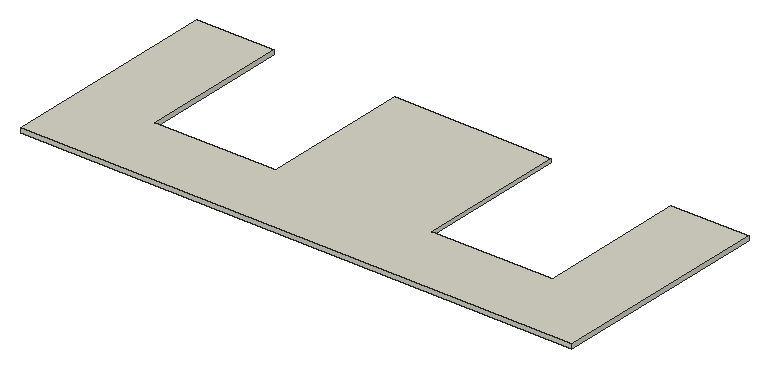
Revit family "console-hansgrohe-54207XXX-Xevolos E Console 1370_550 with 2 cutouts for countertop basin ground 500_480", category Furniture, Revit 2019
Family settings
  OmniClass Number = 23.40.00.00
  OmniClass Title = Equipment and Furnishings
  Work Plane-Based = No
  Always vertical = Yes
  Cut with Voids When Loaded = No
  Shared = Yes
  Room Calculation Point = No
Parameters (values of type "54207-54207780-SAND_MATT_BEIGE-200")
  etim7_EC011381 = "EC011381"
  WEIGHT = "4.3"
  UNSPSC = "56 | Furniture and Furnishings"
  UNIFORMATII = "E2010 | Fixed Furnishings"
  UNICLASS_2015_CODE = "40_30_78_05"
  UNICLASS2015 = "Pr_40_20_76_94 | Vanity units"
  SURFACE = "SAND_MATT_BEIGE"
  SPECIFICATION = "https://pro.hansgrohe.com/articledetail--54207700"
  REGIONSET = "Worldwide"
  PRODUCTGROUP = "console"
  PRODUCTFAMILY = "Xevolos E"
  PERMALINK = "54207XXX"
  OMNICLASS = "23-19 31 17 11 | Bathroom Units"
  OBJECTTYPE = "Object (single object)"
  NN = "Console with 2 cutouts for countertop basin ground"
  NBSYN = "$BASENUMBER.-$ARTNR.-$SURFACE.-$LODLEVEL."
  NB = "54207-54207780-SAND_MATT_BEIGE-200"
  NAME = "Xevolos E Console 1370/550 with 2 cutouts for countertop basin ground 500/480"
  Model = "54207-54207780-SAND_MATT_BEIGE-200"
  Manufacturer = "Hansgrohe"
  MIdent = "{$CADENAS_DATA/23d-libs/hansgrohe/xevolos_furniture/xevolos_console_cutout_for_countertop_basin_ground/console_with_2_cutout_countertop_basinground.prj},260 {VTYP=3D},{NB=54207-54207780-SAND_MATT_BEIGE-200},{LINA=54207-54207780-SAND_MATT_BEIGE-200},{NN=Console with 2 cutouts for countertop basin ground},{DATE=13.03.2023 11:42:43},{GEOMDATE=12.03.2023 06:45:00},{VERSION=},{LINEID=30},{WBVAR=LODLEVEL},{WBNUMERIC=}  {NB=54207-54207780-SAND_MATT_BEIGE-200},{LINA=54207-54207780-SAND_MATT_BEIGE-200},{KT=DUMMY},{IDNR=3},{ARTNR=54207780},{BASENUMBER=54207},{MODEL=54207XXX},{SURFACE=SAND_MATT_BEIGE},{L=1374},{LODLEVEL=200},{LODLEVELX='400','400','200','200'},{L1=300},{LC=195},{NAME=Xevolos E Console 1370/550 with 2 cutouts for countertop basin ground 500/480},{PERMALINK=54207XXX},{OBJECTTYPE=Object (single object)},{BIMOBJECT=Sanitary: Compound units},{PRODUCTFAMILY=Xevolos E},{PRODUCTGROUP=console},{WEIGHT=4.3},{DESCRIPTION=Xevolos E Console 1370/550 with 2 cutouts for countertop basin ground 500/480},{SPECIFICATION=https://pro.hansgrohe.com/articledetail--54207700},{PRODUCTURL=0},{GTINCODE=0},{TENDERURL=0},{IFC=Furnishing element},{ETIM=EC011381 | Bathroom furniture set},{UNICLASS2015=Pr_40_20_76_94 | Vanity units},{OMNICLASS=23-19 31 17 11 | Bathroom Units},{MASTERFORMAT=12 35 30.23 | Bathroom Casework},{UNSPSC=56 | Furniture and Furnishings},{UNIFORMATII=E2010 | Fixed Furnishings},{REGIONSET=Worldwide},{DESIGN=Germany},{MANUFACTURER=Germany}"
  MASTERFORMAT = "12 35 30.23 | Bathroom Casework"
  LODLEVEL = "200"
  LINA = "54207-54207780-SAND_MATT_BEIGE-200"
  LC = 195
  L1 = 300
  L = 1374
  IFC = "Furnishing element"
  ETIM = "EC011381 | Bathroom furniture set"
  DESIGN = "Germany"
  CATALOG = "Hansgrohe"
  BIMOBJECT = "Sanitary: Compound units"
  BASENUMBER = "54207"
  ARTNR = "54207780"
  54207-54207780-SAND_MATT_BEIGE-400_RX0RY0RZ0TX0TY0TZ0_V = no
  54207-54207780-SAND_MATT_BEIGE-200_RX0RY0RZ0TX0TY0TZ0_V = yes
  54207-54207760-SLATE_MATT_GREY-400_RX0RY0RZ0TX0TY0TZ0_V = no
  54207-54207760-SLATE_MATT_GREY-200_RX0RY0RZ0TX0TY0TZ0_V = no
  54207-54207700-MATTE_WHITE-400_RX0RY0RZ0TX0TY0TZ0_V = no
  54207-54207700-MATTE_WHITE-200_RX0RY0RZ0TX0TY0TZ0_V = no
Types (6, lengths in mm): name | SURFACE | NB | Model | MIdent | LODLEVEL | LINA | ARTNR | 54207-54207780-SAND_MATT_BEIGE-400_RX0RY0RZ0TX0TY0TZ0_V | 54207-54207780-SAND_MATT_BEIGE-200_RX0RY0RZ0TX0TY0TZ0_V | 54207-54207760-SLATE_MATT_GREY-400_RX0RY0RZ0TX0TY0TZ0_V | 54207-54207760-SLATE_MATT_GREY-200_RX0RY0RZ0TX0TY0TZ0_V | 54207-54207700-MATTE_WHITE-400_RX0RY0RZ0TX0TY0TZ0_V | 54207-54207700-MATTE_WHITE-200_RX0RY0RZ0TX0TY0TZ0_V
  54207-54207700-MATTE_WHITE-200 | "MATTE_WHITE" | "54207-54207700-MATTE_WHITE-200" | "54207-54207700-MATTE_WHITE-200" | "{$CADENAS_DATA/23d-libs/hansgrohe/xevolos_furniture/xevolos_console_cutout_for_countertop_basin_ground/console_with_2_cutout_countertop_basinground.prj},252 {VTYP=3D},{NB=54207-54207700-MATTE_WHITE-200},{LINA=54207-54207700-MATTE_WHITE-200},{NN=Console with 2 cutouts for countertop basin ground},{DATE=13.03.2023 11:42:43},{GEOMDATE=12.03.2023 06:45:00},{VERSION=},{LINEID=10},{WBVAR=LODLEVEL},{WBNUMERIC=}  {NB=54207-54207700-MATTE_WHITE-200},{LINA=54207-54207700-MATTE_WHITE-200},{KT=DUMMY},{IDNR=1},{ARTNR=54207700},{BASENUMBER=54207},{MODEL=54207XXX},{SURFACE=MATTE_WHITE},{L=1374},{LODLEVEL=200},{LODLEVELX='400','400','200','200'},{L1=300},{LC=195},{NAME=Xevolos E Console 1370/550 with 2 cutouts for countertop basin ground 500/480},{PERMALINK=54207XXX},{OBJECTTYPE=Object (single object)},{BIMOBJECT=Sanitary: Compound units},{PRODUCTFAMILY=Xevolos E},{PRODUCTGROUP=console},{WEIGHT=4.3},{DESCRIPTION=Xevolos E Console 1370/550 with 2 cutouts for countertop basin ground 500/480},{SPECIFICATION=https://pro.hansgrohe.com/articledetail--54207700},{PRODUCTURL=0},{GTINCODE=0},{TENDERURL=0},{IFC=Furnishing element},{ETIM=EC011381 | Bathroom furniture set},{UNICLASS2015=Pr_40_20_76_94 | Vanity units},{OMNICLASS=23-19 31 17 11 | Bathroom Units},{MASTERFORMAT=12 35 30.23 | Bathroom Casework},{UNSPSC=56 | Furniture and Furnishings},{UNIFORMATII=E2010 | Fixed Furnishings},{REGIONSET=Worldwide},{DESIGN=Germany},{MANUFACTURER=Germany}" | "200" | "54207-54207700-MATTE_WHITE-200" | "54207700" | no | no | no | no | no | yes
  54207-54207700-MATTE_WHITE-400 | "MATTE_WHITE" | "54207-54207700-MATTE_WHITE-400" | "54207-54207700-MATTE_WHITE-400" | "{$CADENAS_DATA/23d-libs/hansgrohe/xevolos_furniture/xevolos_console_cutout_for_countertop_basin_ground/console_with_2_cutout_countertop_basinground.prj},252 {VTYP=3D},{NB=54207-54207700-MATTE_WHITE-400},{LINA=54207-54207700-MATTE_WHITE-400},{NN=Console with 2 cutouts for countertop basin ground},{DATE=13.03.2023 11:42:43},{GEOMDATE=12.03.2023 06:45:00},{VERSION=},{LINEID=10},{WBVAR=LODLEVEL},{WBNUMERIC=}  {NB=54207-54207700-MATTE_WHITE-400},{LINA=54207-54207700-MATTE_WHITE-400},{KT=DUMMY},{IDNR=1},{ARTNR=54207700},{BASENUMBER=54207},{MODEL=54207XXX},{SURFACE=MATTE_WHITE},{L=1374},{LODLEVEL=400},{LODLEVELX='400','400','200','200'},{L1=300},{LC=195},{NAME=Xevolos E Console 1370/550 with 2 cutouts for countertop basin ground 500/480},{PERMALINK=54207XXX},{OBJECTTYPE=Object (single object)},{BIMOBJECT=Sanitary: Compound units},{PRODUCTFAMILY=Xevolos E},{PRODUCTGROUP=console},{WEIGHT=4.3},{DESCRIPTION=Xevolos E Console 1370/550 with 2 cutouts for countertop basin ground 500/480},{SPECIFICATION=https://pro.hansgrohe.com/articledetail--54207700},{PRODUCTURL=0},{GTINCODE=0},{TENDERURL=0},{IFC=Furnishing element},{ETIM=EC011381 | Bathroom furniture set},{UNICLASS2015=Pr_40_20_76_94 | Vanity units},{OMNICLASS=23-19 31 17 11 | Bathroom Units},{MASTERFORMAT=12 35 30.23 | Bathroom Casework},{UNSPSC=56 | Furniture and Furnishings},{UNIFORMATII=E2010 | Fixed Furnishings},{REGIONSET=Worldwide},{DESIGN=Germany},{MANUFACTURER=Germany}" | "400" | "54207-54207700-MATTE_WHITE-400" | "54207700" | no | no | no | no | yes | no
  54207-54207760-SLATE_MATT_GREY-200 | "SLATE_MATT_GREY" | "54207-54207760-SLATE_MATT_GREY-200" | "54207-54207760-SLATE_MATT_GREY-200" | "{$CADENAS_DATA/23d-libs/hansgrohe/xevolos_furniture/xevolos_console_cutout_for_countertop_basin_ground/console_with_2_cutout_countertop_basinground.prj},260 {VTYP=3D},{NB=54207-54207760-SLATE_MATT_GREY-200},{LINA=54207-54207760-SLATE_MATT_GREY-200},{NN=Console with 2 cutouts for countertop basin ground},{DATE=13.03.2023 11:42:43},{GEOMDATE=12.03.2023 06:45:00},{VERSION=},{LINEID=20},{WBVAR=LODLEVEL},{WBNUMERIC=}  {NB=54207-54207760-SLATE_MATT_GREY-200},{LINA=54207-54207760-SLATE_MATT_GREY-200},{KT=DUMMY},{IDNR=2},{ARTNR=54207760},{BASENUMBER=54207},{MODEL=54207XXX},{SURFACE=SLATE_MATT_GREY},{L=1374},{LODLEVEL=200},{LODLEVELX='400','400','200','200'},{L1=300},{LC=195},{NAME=Xevolos E Console 1370/550 with 2 cutouts for countertop basin ground 500/480},{PERMALINK=54207XXX},{OBJECTTYPE=Object (single object)},{BIMOBJECT=Sanitary: Compound units},{PRODUCTFAMILY=Xevolos E},{PRODUCTGROUP=console},{WEIGHT=4.3},{DESCRIPTION=Xevolos E Console 1370/550 with 2 cutouts for countertop basin ground 500/480},{SPECIFICATION=https://pro.hansgrohe.com/articledetail--54207700},{PRODUCTURL=0},{GTINCODE=0},{TENDERURL=0},{IFC=Furnishing element},{ETIM=EC011381 | Bathroom furniture set},{UNICLASS2015=Pr_40_20_76_94 | Vanity units},{OMNICLASS=23-19 31 17 11 | Bathroom Units},{MASTERFORMAT=12 35 30.23 | Bathroom Casework},{UNSPSC=56 | Furniture and Furnishings},{UNIFORMATII=E2010 | Fixed Furnishings},{REGIONSET=Worldwide},{DESIGN=Germany},{MANUFACTURER=Germany}" | "200" | "54207-54207760-SLATE_MATT_GREY-200" | "54207760" | no | no | no | yes | no | no
  54207-54207760-SLATE_MATT_GREY-400 | "SLATE_MATT_GREY" | "54207-54207760-SLATE_MATT_GREY-400" | "54207-54207760-SLATE_MATT_GREY-400" | "{$CADENAS_DATA/23d-libs/hansgrohe/xevolos_furniture/xevolos_console_cutout_for_countertop_basin_ground/console_with_2_cutout_countertop_basinground.prj},260 {VTYP=3D},{NB=54207-54207760-SLATE_MATT_GREY-400},{LINA=54207-54207760-SLATE_MATT_GREY-400},{NN=Console with 2 cutouts for countertop basin ground},{DATE=13.03.2023 11:42:43},{GEOMDATE=12.03.2023 06:45:00},{VERSION=},{LINEID=20},{WBVAR=LODLEVEL},{WBNUMERIC=}  {NB=54207-54207760-SLATE_MATT_GREY-400},{LINA=54207-54207760-SLATE_MATT_GREY-400},{KT=DUMMY},{IDNR=2},{ARTNR=54207760},{BASENUMBER=54207},{MODEL=54207XXX},{SURFACE=SLATE_MATT_GREY},{L=1374},{LODLEVEL=400},{LODLEVELX='400','400','200','200'},{L1=300},{LC=195},{NAME=Xevolos E Console 1370/550 with 2 cutouts for countertop basin ground 500/480},{PERMALINK=54207XXX},{OBJECTTYPE=Object (single object)},{BIMOBJECT=Sanitary: Compound units},{PRODUCTFAMILY=Xevolos E},{PRODUCTGROUP=console},{WEIGHT=4.3},{DESCRIPTION=Xevolos E Console 1370/550 with 2 cutouts for countertop basin ground 500/480},{SPECIFICATION=https://pro.hansgrohe.com/articledetail--54207700},{PRODUCTURL=0},{GTINCODE=0},{TENDERURL=0},{IFC=Furnishing element},{ETIM=EC011381 | Bathroom furniture set},{UNICLASS2015=Pr_40_20_76_94 | Vanity units},{OMNICLASS=23-19 31 17 11 | Bathroom Units},{MASTERFORMAT=12 35 30.23 | Bathroom Casework},{UNSPSC=56 | Furniture and Furnishings},{UNIFORMATII=E2010 | Fixed Furnishings},{REGIONSET=Worldwide},{DESIGN=Germany},{MANUFACTURER=Germany}" | "400" | "54207-54207760-SLATE_MATT_GREY-400" | "54207760" | no | no | yes | no | no | no
  54207-54207780-SAND_MATT_BEIGE-200 | "SAND_MATT_BEIGE" | "54207-54207780-SAND_MATT_BEIGE-200" | "54207-54207780-SAND_MATT_BEIGE-200" | "{$CADENAS_DATA/23d-libs/hansgrohe/xevolos_furniture/xevolos_console_cutout_for_countertop_basin_ground/console_with_2_cutout_countertop_basinground.prj},260 {VTYP=3D},{NB=54207-54207780-SAND_MATT_BEIGE-200},{LINA=54207-54207780-SAND_MATT_BEIGE-200},{NN=Console with 2 cutouts for countertop basin ground},{DATE=13.03.2023 11:42:43},{GEOMDATE=12.03.2023 06:45:00},{VERSION=},{LINEID=30},{WBVAR=LODLEVEL},{WBNUMERIC=}  {NB=54207-54207780-SAND_MATT_BEIGE-200},{LINA=54207-54207780-SAND_MATT_BEIGE-200},{KT=DUMMY},{IDNR=3},{ARTNR=54207780},{BASENUMBER=54207},{MODEL=54207XXX},{SURFACE=SAND_MATT_BEIGE},{L=1374},{LODLEVEL=200},{LODLEVELX='400','400','200','200'},{L1=300},{LC=195},{NAME=Xevolos E Console 1370/550 with 2 cutouts for countertop basin ground 500/480},{PERMALINK=54207XXX},{OBJECTTYPE=Object (single object)},{BIMOBJECT=Sanitary: Compound units},{PRODUCTFAMILY=Xevolos E},{PRODUCTGROUP=console},{WEIGHT=4.3},{DESCRIPTION=Xevolos E Console 1370/550 with 2 cutouts for countertop basin ground 500/480},{SPECIFICATION=https://pro.hansgrohe.com/articledetail--54207700},{PRODUCTURL=0},{GTINCODE=0},{TENDERURL=0},{IFC=Furnishing element},{ETIM=EC011381 | Bathroom furniture set},{UNICLASS2015=Pr_40_20_76_94 | Vanity units},{OMNICLASS=23-19 31 17 11 | Bathroom Units},{MASTERFORMAT=12 35 30.23 | Bathroom Casework},{UNSPSC=56 | Furniture and Furnishings},{UNIFORMATII=E2010 | Fixed Furnishings},{REGIONSET=Worldwide},{DESIGN=Germany},{MANUFACTURER=Germany}" | "200" | "54207-54207780-SAND_MATT_BEIGE-200" | "54207780" | no | yes | no | no | no | no
  54207-54207780-SAND_MATT_BEIGE-400 | "SAND_MATT_BEIGE" | "54207-54207780-SAND_MATT_BEIGE-400" | "54207-54207780-SAND_MATT_BEIGE-400" | "{$CADENAS_DATA/23d-libs/hansgrohe/xevolos_furniture/xevolos_console_cutout_for_countertop_basin_ground/console_with_2_cutout_countertop_basinground.prj},260 {VTYP=3D},{NB=54207-54207780-SAND_MATT_BEIGE-400},{LINA=54207-54207780-SAND_MATT_BEIGE-400},{NN=Console with 2 cutouts for countertop basin ground},{DATE=13.03.2023 11:42:43},{GEOMDATE=12.03.2023 06:45:00},{VERSION=},{LINEID=30},{WBVAR=LODLEVEL},{WBNUMERIC=}  {NB=54207-54207780-SAND_MATT_BEIGE-400},{LINA=54207-54207780-SAND_MATT_BEIGE-400},{KT=DUMMY},{IDNR=3},{ARTNR=54207780},{BASENUMBER=54207},{MODEL=54207XXX},{SURFACE=SAND_MATT_BEIGE},{L=1374},{LODLEVEL=400},{LODLEVELX='400','400','200','200'},{L1=300},{LC=195},{NAME=Xevolos E Console 1370/550 with 2 cutouts for countertop basin ground 500/480},{PERMALINK=54207XXX},{OBJECTTYPE=Object (single object)},{BIMOBJECT=Sanitary: Compound units},{PRODUCTFAMILY=Xevolos E},{PRODUCTGROUP=console},{WEIGHT=4.3},{DESCRIPTION=Xevolos E Console 1370/550 with 2 cutouts for countertop basin ground 500/480},{SPECIFICATION=https://pro.hansgrohe.com/articledetail--54207700},{PRODUCTURL=0},{GTINCODE=0},{TENDERURL=0},{IFC=Furnishing element},{ETIM=EC011381 | Bathroom furniture set},{UNICLASS2015=Pr_40_20_76_94 | Vanity units},{OMNICLASS=23-19 31 17 11 | Bathroom Units},{MASTERFORMAT=12 35 30.23 | Bathroom Casework},{UNSPSC=56 | Furniture and Furnishings},{UNIFORMATII=E2010 | Fixed Furnishings},{REGIONSET=Worldwide},{DESIGN=Germany},{MANUFACTURER=Germany}" | "400" | "54207-54207780-SAND_MATT_BEIGE-400" | "54207780" | yes | no | no | no | no | no
Reference planes
  plane 1 "Center (Front/Back)": y = 0
  plane 2: z = 0
  plane 3 "Center (Left/Right)": x = 0
Dimensions and locks
  aligned and locked: level to plane 2
Nested families
  nested 1: "54207-54207700-matte_white-200_content" at (0, 0, 0), visible <- "54207-54207700-MATTE_WHITE-200_RX0RY0RZ0TX0TY0TZ0_V", ContentVisible <- "54207-54207700-MATTE_WHITE-200_RX0RY0RZ0TX0TY0TZ0_V", type "54207-54207700-MATTE_WHITE-200_Content"
    with ContentVisible no
  nested 2: "54207-54207700-matte_white-400_content" at (0, 0, 0), visible <- "54207-54207700-MATTE_WHITE-400_RX0RY0RZ0TX0TY0TZ0_V", ContentVisible <- "54207-54207700-MATTE_WHITE-400_RX0RY0RZ0TX0TY0TZ0_V", type "54207-54207700-MATTE_WHITE-400_Content"
    with ContentVisible no
  nested 3: "54207-54207760-slate_matt_grey-200_content" at (0, 0, 0), visible <- "54207-54207760-SLATE_MATT_GREY-200_RX0RY0RZ0TX0TY0TZ0_V", ContentVisible <- "54207-54207760-SLATE_MATT_GREY-200_RX0RY0RZ0TX0TY0TZ0_V", type "54207-54207760-SLATE_MATT_GREY-200_Content"
    with ContentVisible no
  nested 4: "54207-54207760-slate_matt_grey-400_content" at (0, 0, 0), visible <- "54207-54207760-SLATE_MATT_GREY-400_RX0RY0RZ0TX0TY0TZ0_V", ContentVisible <- "54207-54207760-SLATE_MATT_GREY-400_RX0RY0RZ0TX0TY0TZ0_V", type "54207-54207760-SLATE_MATT_GREY-400_Content"
    with ContentVisible no
  nested 5: "54207-54207780-sand_matt_beige-200_content" at (0, 0, 0), visible <- "54207-54207780-SAND_MATT_BEIGE-200_RX0RY0RZ0TX0TY0TZ0_V", ContentVisible <- "54207-54207780-SAND_MATT_BEIGE-200_RX0RY0RZ0TX0TY0TZ0_V", type "54207-54207780-SAND_MATT_BEIGE-200_Content"
    with ContentVisible yes
  nested 6: "54207-54207780-sand_matt_beige-400_content" at (0, 0, 0), visible <- "54207-54207780-SAND_MATT_BEIGE-400_RX0RY0RZ0TX0TY0TZ0_V", ContentVisible <- "54207-54207780-SAND_MATT_BEIGE-400_RX0RY0RZ0TX0TY0TZ0_V", type "54207-54207780-SAND_MATT_BEIGE-400_Content"
    with ContentVisible no
Definition of nested family "54207-54207780-sand_matt_beige-200_content"
  Parameters (values of type "54207-54207780-SAND_MATT_BEIGE-200_Content")
    etim7_EC011381 = "EC011381"
    WEIGHT = "4.3"
    UNSPSC = "56 | Furniture and Furnishings"
    UNIFORMATII = "E2010 | Fixed Furnishings"
    UNICLASS_2015_CODE = "40_30_78_05"
    UNICLASS2015 = "Pr_40_20_76_94 | Vanity units"
    SURFACE = "SAND_MATT_BEIGE"
    SPECIFICATION = "https://pro.hansgrohe.com/articledetail--54207700"
    REGIONSET = "Worldwide"
    PRODUCTGROUP = "console"
    PRODUCTFAMILY = "Xevolos E"
    PERMALINK = "54207XXX"
    OMNICLASS = "23-19 31 17 11 | Bathroom Units"
    OBJECTTYPE = "Object (single object)"
    NN = "Console with 2 cutouts for countertop basin ground"
    NBSYN = "$BASENUMBER.-$ARTNR.-$SURFACE.-$LODLEVEL."
    NB = "54207-54207780-SAND_MATT_BEIGE-200"
    NAME = "Xevolos E Console 1370/550 with 2 cutouts for countertop basin ground 500/480"
    Model = "54207-54207780-SAND_MATT_BEIGE-200"
    Manufacturer = "Hansgrohe"
    MASTERFORMAT = "12 35 30.23 | Bathroom Casework"
    LODLEVEL = "200"
    LINA = "54207-54207780-SAND_MATT_BEIGE-200"
    LC = 195
    L1 = 300
    L = 1374
    IFC = "Furnishing element"
    ETIM = "EC011381 | Bathroom furniture set"
    Default Elevation = 1219.2 mm
    DESIGN = "Germany"
    ContentVisible [instance] = yes
    CATALOG = "Hansgrohe"
    BIMOBJECT = "Sanitary: Compound units"
    BASENUMBER = "54207"
    ARTNR = "54207780"
  Reference planes
    plane 1 "Center (Front/Back)": y = 0
    plane 2: z = 0
    plane 3 "Center (Left/Right)": x = 0
  Forms (mm)
    Extrusion 1, solid, visible <- "ContentVisible", detail levels medium+fine
      sketch origin (0, 0, 0) x (1, 0, 0) y (0, 1, 0)
        loop
          line (-687, 0) -> (-687, -550) -> (687, -550) -> (687, 0) -> (495, 0) -> (495, -370) -> (195, -370) -> (195, 0) -> (-195, 0) -> (-195, -370) -> (-495, -370) -> (-495, 0) -> (-687, 0)
      from 0 to 10
    Extrusion 2, solid, visible <- "ContentVisible", detail levels coarse
      sketch origin (0, -275, 0) x (1, 0, 0) y (0, 1, 0)
        loop
          line (-687, -275) -> (687, -275) -> (687, 275) -> (-687, 275) -> (-687, -275)
      from 0 to 10
  Dimensions and locks
    aligned and locked: level to plane 2
Definition of nested family "54207-54207700-matte_white-200_content"
  Parameters (values of type "54207-54207700-MATTE_WHITE-200_Content")
    etim7_EC011381 = "EC011381"
    WEIGHT = "4.3"
    UNSPSC = "56 | Furniture and Furnishings"
    UNIFORMATII = "E2010 | Fixed Furnishings"
    UNICLASS_2015_CODE = "40_30_78_05"
    UNICLASS2015 = "Pr_40_20_76_94 | Vanity units"
    SURFACE = "MATTE_WHITE"
    SPECIFICATION = "https://pro.hansgrohe.com/articledetail--54207700"
    REGIONSET = "Worldwide"
    PRODUCTGROUP = "console"
    PRODUCTFAMILY = "Xevolos E"
    PERMALINK = "54207XXX"
    OMNICLASS = "23-19 31 17 11 | Bathroom Units"
    OBJECTTYPE = "Object (single object)"
    NN = "Console with 2 cutouts for countertop basin ground"
    NBSYN = "$BASENUMBER.-$ARTNR.-$SURFACE.-$LODLEVEL."
    NB = "54207-54207700-MATTE_WHITE-200"
    NAME = "Xevolos E Console 1370/550 with 2 cutouts for countertop basin ground 500/480"
    Model = "54207-54207700-MATTE_WHITE-200"
    Manufacturer = "Hansgrohe"
    MASTERFORMAT = "12 35 30.23 | Bathroom Casework"
    LODLEVEL = "200"
    LINA = "54207-54207700-MATTE_WHITE-200"
    LC = 195
    L1 = 300
    L = 1374
    IFC = "Furnishing element"
    ETIM = "EC011381 | Bathroom furniture set"
    Default Elevation = 1219.2 mm
    DESIGN = "Germany"
    ContentVisible [instance] = yes
    CATALOG = "Hansgrohe"
    BIMOBJECT = "Sanitary: Compound units"
    BASENUMBER = "54207"
    ARTNR = "54207700"
  Reference planes
    plane 1 "Center (Front/Back)": y = 0
    plane 2: z = 0
    plane 3 "Center (Left/Right)": x = 0
  Forms (mm)
    Extrusion 1, solid, visible <- "ContentVisible", detail levels medium+fine
      sketch origin (0, 0, 0) x (1, 0, 0) y (0, 1, 0)
        loop
          line (-687, 0) -> (-687, -550) -> (687, -550) -> (687, 0) -> (495, 0) -> (495, -370) -> (195, -370) -> (195, 0) -> (-195, 0) -> (-195, -370) -> (-495, -370) -> (-495, 0) -> (-687, 0)
      from 0 to 10
    Extrusion 2, solid, visible <- "ContentVisible", detail levels coarse
      sketch origin (0, -275, 0) x (1, 0, 0) y (0, 1, 0)
        loop
          line (-687, -275) -> (687, -275) -> (687, 275) -> (-687, 275) -> (-687, -275)
      from 0 to 10
  Dimensions and locks
    aligned and locked: level to plane 2
Definition of nested family "54207-54207700-matte_white-400_content"
  Parameters (values of type "54207-54207700-MATTE_WHITE-400_Content")
    etim7_EC011381 = "EC011381"
    WEIGHT = "4.3"
    UNSPSC = "56 | Furniture and Furnishings"
    UNIFORMATII = "E2010 | Fixed Furnishings"
    UNICLASS_2015_CODE = "40_30_78_05"
    UNICLASS2015 = "Pr_40_20_76_94 | Vanity units"
    SURFACE = "MATTE_WHITE"
    SPECIFICATION = "https://pro.hansgrohe.com/articledetail--54207700"
    REGIONSET = "Worldwide"
    PRODUCTGROUP = "console"
    PRODUCTFAMILY = "Xevolos E"
    PERMALINK = "54207XXX"
    OMNICLASS = "23-19 31 17 11 | Bathroom Units"
    OBJECTTYPE = "Object (single object)"
    NN = "Console with 2 cutouts for countertop basin ground"
    NBSYN = "$BASENUMBER.-$ARTNR.-$SURFACE.-$LODLEVEL."
    NB = "54207-54207700-MATTE_WHITE-400"
    NAME = "Xevolos E Console 1370/550 with 2 cutouts for countertop basin ground 500/480"
    Model = "54207-54207700-MATTE_WHITE-400"
    Manufacturer = "Hansgrohe"
    MASTERFORMAT = "12 35 30.23 | Bathroom Casework"
    LODLEVEL = "400"
    LINA = "54207-54207700-MATTE_WHITE-400"
    LC = 195
    L1 = 300
    L = 1374
    IFC = "Furnishing element"
    ETIM = "EC011381 | Bathroom furniture set"
    Default Elevation = 1219.2 mm
    DESIGN = "Germany"
    ContentVisible [instance] = yes
    CATALOG = "Hansgrohe"
    BIMOBJECT = "Sanitary: Compound units"
    BASENUMBER = "54207"
    ARTNR = "54207700"
  Reference planes
    plane 1 "Center (Front/Back)": y = 0
    plane 2: z = 0
    plane 3 "Center (Left/Right)": x = 0
  Forms (mm)
    Extrusion 1, solid, visible <- "ContentVisible", detail levels medium+fine
      sketch origin (0, 0, 0) x (1, 0, 0) y (0, 1, 0)
        loop
          line (-687, 0) -> (-687, -548.5)
          arc (-687, -548.5) -> (-686.561, -549.561) -> (-685.5, -550) r 1.5
          line (-685.5, -550) -> (685.5, -550)
          arc (685.5, -550) -> (686.561, -549.561) -> (687, -548.5) r 1.5
          line (687, -548.5) -> (687, 0) -> (495, 0) -> (495, -270)
          arc (495, -270) -> (465.711, -340.711) -> (395, -370) r 100
          line (395, -370) -> (295, -370)
          arc (295, -370) -> (224.289, -340.711) -> (195, -270) r 100
          line (195, -270) -> (195, 0) -> (-195, 0) -> (-195, -270)
          arc (-195, -270) -> (-224.289, -340.711) -> (-295, -370) r 100
          line (-295, -370) -> (-395, -370)
          arc (-395, -370) -> (-465.711, -340.711) -> (-495, -270) r 100
          line (-495, -270) -> (-495, 0) -> (-687, 0)
      from 0 to 10
    Extrusion 2, solid, visible <- "ContentVisible", detail levels coarse
      sketch origin (0, -275, 0) x (1, 0, 0) y (0, 1, 0)
        loop
          line (-687, -275) -> (687, -275) -> (687, 275) -> (-687, 275) -> (-687, -275)
      from 0 to 10
  Dimensions and locks
    aligned and locked: level to plane 2
Definition of nested family "54207-54207760-slate_matt_grey-200_content"
  Parameters (values of type "54207-54207760-SLATE_MATT_GREY-200_Content")
    etim7_EC011381 = "EC011381"
    WEIGHT = "4.3"
    UNSPSC = "56 | Furniture and Furnishings"
    UNIFORMATII = "E2010 | Fixed Furnishings"
    UNICLASS_2015_CODE = "40_30_78_05"
    UNICLASS2015 = "Pr_40_20_76_94 | Vanity units"
    SURFACE = "SLATE_MATT_GREY"
    SPECIFICATION = "https://pro.hansgrohe.com/articledetail--54207700"
    REGIONSET = "Worldwide"
    PRODUCTGROUP = "console"
    PRODUCTFAMILY = "Xevolos E"
    PERMALINK = "54207XXX"
    OMNICLASS = "23-19 31 17 11 | Bathroom Units"
    OBJECTTYPE = "Object (single object)"
    NN = "Console with 2 cutouts for countertop basin ground"
    NBSYN = "$BASENUMBER.-$ARTNR.-$SURFACE.-$LODLEVEL."
    NB = "54207-54207760-SLATE_MATT_GREY-200"
    NAME = "Xevolos E Console 1370/550 with 2 cutouts for countertop basin ground 500/480"
    Model = "54207-54207760-SLATE_MATT_GREY-200"
    Manufacturer = "Hansgrohe"
    MASTERFORMAT = "12 35 30.23 | Bathroom Casework"
    LODLEVEL = "200"
    LINA = "54207-54207760-SLATE_MATT_GREY-200"
    LC = 195
    L1 = 300
    L = 1374
    IFC = "Furnishing element"
    ETIM = "EC011381 | Bathroom furniture set"
    Default Elevation = 1219.2 mm
    DESIGN = "Germany"
    ContentVisible [instance] = yes
    CATALOG = "Hansgrohe"
    BIMOBJECT = "Sanitary: Compound units"
    BASENUMBER = "54207"
    ARTNR = "54207760"
  Reference planes
    plane 1 "Center (Front/Back)": y = 0
    plane 2: z = 0
    plane 3 "Center (Left/Right)": x = 0
  Forms (mm)
    Extrusion 1, solid, visible <- "ContentVisible", detail levels medium+fine
      sketch origin (0, 0, 0) x (1, 0, 0) y (0, 1, 0)
        loop
          line (-687, 0) -> (-687, -550) -> (687, -550) -> (687, 0) -> (495, 0) -> (495, -370) -> (195, -370) -> (195, 0) -> (-195, 0) -> (-195, -370) -> (-495, -370) -> (-495, 0) -> (-687, 0)
      from 0 to 10
    Extrusion 2, solid, visible <- "ContentVisible", detail levels coarse
      sketch origin (0, -275, 0) x (1, 0, 0) y (0, 1, 0)
        loop
          line (-687, -275) -> (687, -275) -> (687, 275) -> (-687, 275) -> (-687, -275)
      from 0 to 10
  Dimensions and locks
    aligned and locked: level to plane 2
Definition of nested family "54207-54207760-slate_matt_grey-400_content"
  Parameters (values of type "54207-54207760-SLATE_MATT_GREY-400_Content")
    etim7_EC011381 = "EC011381"
    WEIGHT = "4.3"
    UNSPSC = "56 | Furniture and Furnishings"
    UNIFORMATII = "E2010 | Fixed Furnishings"
    UNICLASS_2015_CODE = "40_30_78_05"
    UNICLASS2015 = "Pr_40_20_76_94 | Vanity units"
    SURFACE = "SLATE_MATT_GREY"
    SPECIFICATION = "https://pro.hansgrohe.com/articledetail--54207700"
    REGIONSET = "Worldwide"
    PRODUCTGROUP = "console"
    PRODUCTFAMILY = "Xevolos E"
    PERMALINK = "54207XXX"
    OMNICLASS = "23-19 31 17 11 | Bathroom Units"
    OBJECTTYPE = "Object (single object)"
    NN = "Console with 2 cutouts for countertop basin ground"
    NBSYN = "$BASENUMBER.-$ARTNR.-$SURFACE.-$LODLEVEL."
    NB = "54207-54207760-SLATE_MATT_GREY-400"
    NAME = "Xevolos E Console 1370/550 with 2 cutouts for countertop basin ground 500/480"
    Model = "54207-54207760-SLATE_MATT_GREY-400"
    Manufacturer = "Hansgrohe"
    MASTERFORMAT = "12 35 30.23 | Bathroom Casework"
    LODLEVEL = "400"
    LINA = "54207-54207760-SLATE_MATT_GREY-400"
    LC = 195
    L1 = 300
    L = 1374
    IFC = "Furnishing element"
    ETIM = "EC011381 | Bathroom furniture set"
    Default Elevation = 1219.2 mm
    DESIGN = "Germany"
    ContentVisible [instance] = yes
    CATALOG = "Hansgrohe"
    BIMOBJECT = "Sanitary: Compound units"
    BASENUMBER = "54207"
    ARTNR = "54207760"
  Reference planes
    plane 1 "Center (Front/Back)": y = 0
    plane 2: z = 0
    plane 3 "Center (Left/Right)": x = 0
  Forms (mm)
    Extrusion 1, solid, visible <- "ContentVisible", detail levels medium+fine
      sketch origin (0, 0, 0) x (1, 0, 0) y (0, 1, 0)
        loop
          line (-687, 0) -> (-687, -548.5)
          arc (-687, -548.5) -> (-686.561, -549.561) -> (-685.5, -550) r 1.5
          line (-685.5, -550) -> (685.5, -550)
          arc (685.5, -550) -> (686.561, -549.561) -> (687, -548.5) r 1.5
          line (687, -548.5) -> (687, 0) -> (495, 0) -> (495, -270)
          arc (495, -270) -> (465.711, -340.711) -> (395, -370) r 100
          line (395, -370) -> (295, -370)
          arc (295, -370) -> (224.289, -340.711) -> (195, -270) r 100
          line (195, -270) -> (195, 0) -> (-195, 0) -> (-195, -270)
          arc (-195, -270) -> (-224.289, -340.711) -> (-295, -370) r 100
          line (-295, -370) -> (-395, -370)
          arc (-395, -370) -> (-465.711, -340.711) -> (-495, -270) r 100
          line (-495, -270) -> (-495, 0) -> (-687, 0)
      from 0 to 10
    Extrusion 2, solid, visible <- "ContentVisible", detail levels coarse
      sketch origin (0, -275, 0) x (1, 0, 0) y (0, 1, 0)
        loop
          line (-687, -275) -> (687, -275) -> (687, 275) -> (-687, 275) -> (-687, -275)
      from 0 to 10
  Dimensions and locks
    aligned and locked: level to plane 2
Definition of nested family "54207-54207780-sand_matt_beige-400_content"
  Parameters (values of type "54207-54207780-SAND_MATT_BEIGE-400_Content")
    etim7_EC011381 = "EC011381"
    WEIGHT = "4.3"
    UNSPSC = "56 | Furniture and Furnishings"
    UNIFORMATII = "E2010 | Fixed Furnishings"
    UNICLASS_2015_CODE = "40_30_78_05"
    UNICLASS2015 = "Pr_40_20_76_94 | Vanity units"
    SURFACE = "SAND_MATT_BEIGE"
    SPECIFICATION = "https://pro.hansgrohe.com/articledetail--54207700"
    REGIONSET = "Worldwide"
    PRODUCTGROUP = "console"
    PRODUCTFAMILY = "Xevolos E"
    PERMALINK = "54207XXX"
    OMNICLASS = "23-19 31 17 11 | Bathroom Units"
    OBJECTTYPE = "Object (single object)"
    NN = "Console with 2 cutouts for countertop basin ground"
    NBSYN = "$BASENUMBER.-$ARTNR.-$SURFACE.-$LODLEVEL."
    NB = "54207-54207780-SAND_MATT_BEIGE-400"
    NAME = "Xevolos E Console 1370/550 with 2 cutouts for countertop basin ground 500/480"
    Model = "54207-54207780-SAND_MATT_BEIGE-400"
    Manufacturer = "Hansgrohe"
    MASTERFORMAT = "12 35 30.23 | Bathroom Casework"
    LODLEVEL = "400"
    LINA = "54207-54207780-SAND_MATT_BEIGE-400"
    LC = 195
    L1 = 300
    L = 1374
    IFC = "Furnishing element"
    ETIM = "EC011381 | Bathroom furniture set"
    Default Elevation = 1219.2 mm
    DESIGN = "Germany"
    ContentVisible [instance] = yes
    CATALOG = "Hansgrohe"
    BIMOBJECT = "Sanitary: Compound units"
    BASENUMBER = "54207"
    ARTNR = "54207780"
  Reference planes
    plane 1 "Center (Front/Back)": y = 0
    plane 2: z = 0
    plane 3 "Center (Left/Right)": x = 0
  Forms (mm)
    Extrusion 1, solid, visible <- "ContentVisible", detail levels medium+fine
      sketch origin (0, 0, 0) x (1, 0, 0) y (0, 1, 0)
        loop
          line (-687, 0) -> (-687, -548.5)
          arc (-687, -548.5) -> (-686.561, -549.561) -> (-685.5, -550) r 1.5
          line (-685.5, -550) -> (685.5, -550)
          arc (685.5, -550) -> (686.561, -549.561) -> (687, -548.5) r 1.5
          line (687, -548.5) -> (687, 0) -> (495, 0) -> (495, -270)
          arc (495, -270) -> (465.711, -340.711) -> (395, -370) r 100
          line (395, -370) -> (295, -370)
          arc (295, -370) -> (224.289, -340.711) -> (195, -270) r 100
          line (195, -270) -> (195, 0) -> (-195, 0) -> (-195, -270)
          arc (-195, -270) -> (-224.289, -340.711) -> (-295, -370) r 100
          line (-295, -370) -> (-395, -370)
          arc (-395, -370) -> (-465.711, -340.711) -> (-495, -270) r 100
          line (-495, -270) -> (-495, 0) -> (-687, 0)
      from 0 to 10
    Extrusion 2, solid, visible <- "ContentVisible", detail levels coarse
      sketch origin (0, -275, 0) x (1, 0, 0) y (0, 1, 0)
        loop
          line (-687, -275) -> (687, -275) -> (687, 275) -> (-687, 275) -> (-687, -275)
      from 0 to 10
  Dimensions and locks
    aligned and locked: level to plane 2
